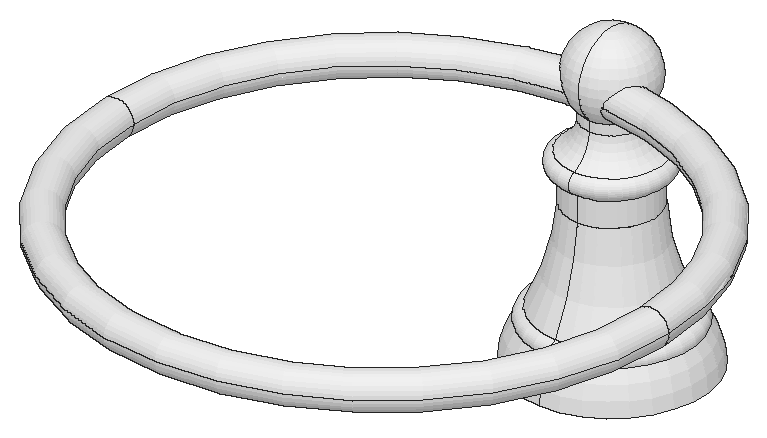
Revit family "Towel_Ring-American_Standard-Traditional_Series-8334190_Series", category Specialty Equipment, host Face, Revit 2019
Family settings
  Host = Face
  Round Connector Dimension = Use Diameter
  Part Type = Normal
  OmniClass Number = 23.40.20.21.27
  OmniClass Title = Towel Bars
  Cut with Voids When Loaded = No
  Shared = Yes
  Room Calculation Point = No
Parameters (values of type "8334190.002")
  Width = 7 1/8"
  Warranty Information = "1 Year Warranty"
  URL = "http://www.americanstandard-us.com"
  Type Comments = "Traditional"
  Revised Date = "02/22/2022"
  Product Page URL = "https://www.americanstandard-us.com/Towel-Rings/TR-Series-Towel-Ring/CHROME-8334190002"
  Product Documentation Link = "https://americanstandard.box.com/shared/static/vawcisjrayafjd7pdyuwjju0g06xqbnn.pdf"
  Price = "Prices may vary. Please consult Manufacturer Representative for most up-to-date price list."  # constant formula
  Model = "8334190.002"
  Material = "Metal-American Standard-002-Polished Chrome"
  Manufacturer = "American Standard"
  Length = 3 3/4"
  Installation Type = "Wall Mounted"
  Height = 8 1/4"
  Finish = Metal-American Standard-002-Polished Chrome
  Description = "TR Series Towel Ring"
  Default Elevation = 40"
  Creation Date = "04/04/2014"
  Assembly Code = "C1030200"
Types (3): name | Product Page URL | Model | Material | Finish | Assembly Code
  (no name) | "https://www.americanstandard-us.com/Towel-Rings/TR-Series-Towel-Ring/CHROME-8334190002" | "8334190.002" | "Metal-American Standard-002-Polished Chrome" | Metal-American Standard-002-Polished Chrome | "C1030200"
  8334190.002 | "https://www.americanstandard-us.com/Towel-Rings/TR-Series-Towel-Ring/CHROME-8334190002" | "8334190.002" | "Metal-American Standard-002-Polished Chrome" | Metal-American Standard-002-Polished Chrome | "C1030200"
  8334190.295 | "https://www.americanstandard-us.com/Towel-Rings/TR-Series-Towel-Ring/BRUSHED-NICKEL-8334190295" | "8334190.295" | "Metal-American Standard-295-Satin Nickel" | Metal-American Standard-295-Satin Nickel | "C1030220"
Reference planes (in)
  plane 1 "Center (Front/Back)": y = 0
  plane 2: z = 0
  plane 3 "Center (Left/Right)": x = 0
  plane 4 "Floor Level": y = -40
  plane 5: y = 1.125
  plane 6: y = -1.125
  plane 7: y = -7.125
  plane 8: x = 3.5625
  plane 9: x = -3.5625
  plane 10: z = 3.75
  plane 11: z = 3.125
Forms (in)
  Revolve 1, solid, material "Metal-American Standard-002-Polished Chrome" <- "Finish"
    sketch origin (0, 0, 0) x (0, 0, -1) y (0, 1, 0)
      loop
        arc (0, 1.125) -> (-0.2486, 1.08108) -> (-0.47553, 0.97049) r 0.90902
        arc (-0.47553, 0.97049) -> (-0.57542, 0.95385) -> (-0.62838, 0.86753) r 0.12208
        arc (-0.62838, 0.86753) -> (-1.19317, 0.63802) -> (-1.79376, 0.53337) r 2.86117
        line (-1.79376, 0.53337) -> (-2.13336, 0.53337)
        arc (-2.13336, 0.53337) -> (-2.23234, 0.67132) -> (-2.37511, 0.57942) r 0.12321
        arc (-2.37511, 0.57942) -> (-2.51842, 0.41409) -> (-2.72392, 0.33899) r 0.43684
        line (-2.72392, 0.33899) -> (-2.84716, 0.33899)
        arc (-2.84716, 0.33899) -> (-3.41599, 0.48219) -> (-3.75, 0) r 0.51506
        line (-3.75, 0) -> (0, 0) -> (0, 1.125)
      axis (-3.75, 0) -> (0, 0)
    angle from 0 to 360
  Sweep 2, solid, material "Metal-American Standard-002-Polished Chrome" <- "Finish"
    path origin (0, 0, 0) x (1, 0, 0) y (0, 1, 0)
      loop
        circle (0, -3.5625) r 3.5625
    profile origin (0, 0, 0) x (0, -1, 0) y (0, 0, 1)
      loop
        circle (0.21875, 3.125) r 0.21875
Cuts and joins
  joined: Revolve 1, Sweep 2
Lines and regions (in)
  Masking region 1
    outline origin (0, 0, 0) x (1, 0, 0) y (0, 0, 1)
      loop
        arc (0.50317, 3.34367) -> (-0.00052, 3.75) -> (-0.50422, 3.34367) r 0.51536
        line (-0.50422, 3.34367) -> (-3.34684, 3.34367)
        arc (-3.34684, 3.34367) -> (-3.56551, 3.125) -> (-3.34684, 2.90633) r 0.21867
        line (-3.34684, 2.90633) -> (-0.39844, 2.90633)
        arc (-0.39844, 2.90633) -> (-0.36944, 2.87616) -> (-0.33927, 2.84716) r 1.05263
        line (-0.33927, 2.84716) -> (-0.33927, 2.72392)
        arc (-0.33927, 2.72392) -> (-0.417, 2.52036) -> (-0.57942, 2.37511) r 0.46178
        arc (-0.57942, 2.37511) -> (-0.67146, 2.23232) -> (-0.53337, 2.13336) r 0.1232
        line (-0.53337, 2.13336) -> (-0.53337, 1.79376)
        arc (-0.53337, 1.79376) -> (-0.63579, 1.19253) -> (-0.86753, 0.62838) r 2.76482
        arc (-0.86753, 0.62838) -> (-0.95426, 0.5757) -> (-0.97049, 0.47553) r 0.12115
        arc (-0.97049, 0.47553) -> (-1.08138, 0.24869) -> (-1.125, 0) r 0.90138
        line (-1.125, 0) -> (1.125, 0)
        arc (1.125, 0) -> (1.08138, 0.24869) -> (0.97049, 0.47553) r 0.90138
        arc (0.97049, 0.47553) -> (0.95426, 0.5757) -> (0.86753, 0.62838) r 0.12115
        arc (0.86753, 0.62838) -> (0.63579, 1.19253) -> (0.53337, 1.79376) r 2.76482
        line (0.53337, 1.79376) -> (0.53337, 2.13336)
        arc (0.53337, 2.13336) -> (0.67146, 2.23232) -> (0.57942, 2.37511) r 0.1232
        arc (0.57942, 2.37511) -> (0.417, 2.52036) -> (0.33927, 2.72392) r 0.46178
        line (0.33927, 2.72392) -> (0.33927, 2.84716)
        arc (0.33927, 2.84716) -> (0.36944, 2.87616) -> (0.39844, 2.90633) r 1.05263
        line (0.39844, 2.90633) -> (3.34684, 2.90633)
        arc (3.34684, 2.90633) -> (3.56551, 3.125) -> (3.34684, 3.34367) r 0.21867
        line (3.34684, 3.34367) -> (0.50317, 3.34367)
  symbolic lines, style "SpecialityEquipment", detail levels fine
    curve 1: line (-0.86753, 0, 0.62838) -> (0.86753, 0, 0.62838)
    curve 2: line (-0.97049, 0, 0.47553) -> (0.97049, 0, 0.47553)
    curve 3: line (-0.57942, 0, 2.37511) -> (0.57942, 0, 2.37511)
    curve 5: line (-0.33927, 0, 2.72392) -> (0.33927, 0, 2.72392)
    curve 6: line (0.53337, 0, 2.13336) -> (-0.53337, 0, 2.13336)
  symbolic lines, style "SpecialityEquipment", detail levels medium+fine
    curve 4: line (-0.34032, 0, 2.84716) -> (0.33927, 0, 2.84716)
    curve 7: arc (0.33927, 0, 2.84716) -> (0.48886, 0, 3.07309) -> (0.50317, 0, 3.34367) r 0.51536
    curve 8: arc (-0.50422, 0, 3.34367) -> (-0.50127, 0, 3.11277) -> (-0.39778, 0, 2.90633) r 0.51536
Dimensions and locks (in)
  "Default Elevation": plane 4 "Floor Level" to plane 1 "Center (Front/Back)"
  locked: plane 7 to plane 5 at 8.25
  locked: plane 9 to plane 8 at 7.125
  plane 5 to plane 6 = 2 1/4"
  plane 2 to plane 11 = 3 1/8"
  locked: plane 2 to plane 10 at 3.75
  aligned and locked: plane 2 to host face
  aligned and locked: level to host face
Automatic sketch dimensions
  host sketch curve to host sketch curve = 96"  (x2)
  Revolve 1 sketch curve to plane 1 "Center (Front/Back)" = 0"  (x2)
  plane 10 to Revolve 1 sketch curve = 0"
  Revolve 1 sketch curve to level = 0"
  Revolve 1 sketch curve to plane 5 = 0"
  Revolve 1 sketch curve to plane 11 = 0.10994"
  plane 11 to Revolve 1 sketch curve = 0.27784"
  plane 11 to Revolve 1 sketch curve = 0.35866"
  Revolve 1 sketch curve to Revolve 1 sketch curve = 0.12325"
  Revolve 1 sketch curve to Revolve 1 sketch curve = 0.34881"
  Revolve 1 sketch curve to Revolve 1 sketch curve = 0.11971"
  Revolve 1 sketch curve to Revolve 1 sketch curve = 0.12204"
  plane 11 to Revolve 1 sketch curve = 1.14318"
  Revolve 1 sketch curve to Revolve 1 sketch curve = 0.33959"
  Revolve 1 sketch curve to Revolve 1 sketch curve = 0.54376"
  Revolve 1 sketch curve to Revolve 1 sketch curve = 0.28837"
  plane 5 to Revolve 1 sketch curve = 0.25747"
  level to Revolve 1 sketch curve = 0.62838"
  Revolve 1 sketch curve to Revolve 1 sketch curve = 0.12117"
  Revolve 1 sketch curve to Revolve 1 sketch curve = 0.03168"
  Revolve 1 sketch curve to level = 0.03231"
  Revolve 1 sketch curve to plane 1 "Center (Front/Back)" = 0.21655"
  Revolve 1 sketch curve to plane 1 "Center (Front/Back)" = 0.53337"
  Revolve 1 sketch curve to Revolve 1 sketch curve = 0.01692"
  Sweep 2 sketch curve to profile plane = 7/32"
  profile plane to Sweep 2 sketch curve = 3 1/8"
  Sweep 2 sketch curve to plane 3 "Center (Left/Right)" = 0"
  Sweep 2 sketch curve to plane 6 = 2 7/16"
  curve 5 to curve 7 = 0.12325"
  plane 3 "Center (Left/Right)" to curve 4 = 0.33927"
  curve 7 to curve 8 = 0"  (x2)
  Masking region 1 sketch curve to plane 11 = 0"  (x2)
  Masking region 1 sketch curve to level = 0"
  Masking region 1 sketch curve to plane 9 = 0.21566"
  Masking region 1 sketch curve to plane 9 = 0.269"
  Masking region 1 sketch curve to plane 3 "Center (Left/Right)" = 1 1/8"
  Masking region 1 sketch curve to Masking region 1 sketch curve = 0.15451"  (x2)
  Masking region 1 sketch curve to Masking region 1 sketch curve = 0.10296"
  Masking region 1 sketch curve to Masking region 1 sketch curve = 0.01376"  (x2)
  plane 11 to Masking region 1 sketch curve = 0.34277"  (x2)
  Masking region 1 sketch curve to plane 3 "Center (Left/Right)" = 0.79735"
  Masking region 1 sketch curve to Masking region 1 sketch curve = 0.21793"
  Masking region 1 sketch curve to Masking region 1 sketch curve = 0.02899"  (x2)
  Masking region 1 sketch curve to Masking region 1 sketch curve = 0.01707"  (x2)
  Masking region 1 sketch curve to plane 11 = 0.21867"  (x2)
  Masking region 1 sketch curve to plane 3 "Center (Left/Right)" = 0.50422"
  Masking region 1 sketch curve to plane 3 "Center (Left/Right)" = 51/128"
  plane 10 to Masking region 1 sketch curve = 0.12952"  (x2)
  Masking region 1 sketch curve to Masking region 1 sketch curve = 0.12934"
  Masking region 1 sketch curve to Masking region 1 sketch curve = 0.05917"  (x2)
  Masking region 1 sketch curve to level = 0.02985"  (x2)
  Masking region 1 sketch curve to plane 3 "Center (Left/Right)" = 0.22412"
  Masking region 1 sketch curve to plane 3 "Center (Left/Right)" = 0.00052"
  plane 3 "Center (Left/Right)" to Masking region 1 sketch curve = 0.22412"
  plane 3 "Center (Left/Right)" to Masking region 1 sketch curve = 0.33927"
  plane 3 "Center (Left/Right)" to Masking region 1 sketch curve = 0.37488"
  plane 3 "Center (Left/Right)" to Masking region 1 sketch curve = 0.53337"
  Masking region 1 sketch curve to Masking region 1 sketch curve = 0.39891"
  Masking region 1 sketch curve to Masking region 1 sketch curve = 0.62966"
  Masking region 1 sketch curve to Masking region 1 sketch curve = 0.11671"
  Masking region 1 sketch curve to plane 8 = 0.269"
  Masking region 1 sketch curve to plane 8 = 0.21566"
  Masking region 1 sketch curve to Masking region 1 sketch curve = 0.03249"  (x2)
  Masking region 1 sketch curve to Masking region 1 sketch curve = 0.98846"  (x2)
  Masking region 1 sketch curve to Masking region 1 sketch curve = 0.33959"  (x2)
  Masking region 1 sketch curve to Masking region 1 sketch curve = 0.12201"  (x2)
  Masking region 1 sketch curve to plane 11 = 0.10964"
  curve 4 to curve 5 = 0"
  curve 7 to plane 3 "Center (Left/Right)" = 0.00052"
  curve 5 to plane 3 "Center (Left/Right)" = 0.33927"
  curve 4 to curve 5 = 0.00105"
  curve 8 to curve 4 = 0.05746"
  curve 8 to plane 11 = 0.21867"
  curve 8 to curve 8 = 0.10644"
  curve 6 to plane 3 "Center (Left/Right)" = 0.53337"
  curve 3 to curve 6 = 0.04605"
  curve 1 to plane 3 "Center (Left/Right)" = 0.86753"
  curve 2 to curve 1 = 0.10296"
  curve 7 to plane 11 = 0.21867"
  plane 3 "Center (Left/Right)" to curve 7 = 0.50317"
  plane 3 "Center (Left/Right)" to curve 6 = 0.53337"
  curve 6 to curve 3 = 0.04605"
  plane 3 "Center (Left/Right)" to curve 1 = 0.86753"
  curve 1 to curve 2 = 0.10296"
  curve 7 to plane 11 = 0.10964"
  curve 3 to curve 5 = 0.34881"
  curve 6 to curve 3 = 0.24175"
  level to curve 1 = 0.62838"
  curve 2 to curve 1 = 0.15285"
  radius of Sweep 2 sketch curve = 7/32"
  radius of Sweep 2 sketch curve = 3 9/16"
